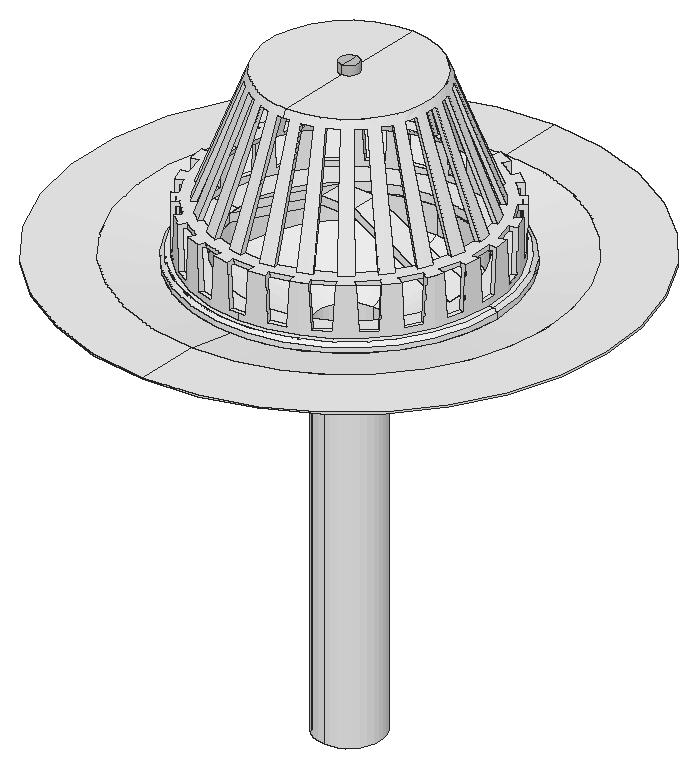
Revit family "Plumbing_Drainage_Menzies-Metal_Clamp-Tite_Aluminum-Drain", category Plumbing Fixtures, host Face, Revit 2015
Parameters (values of type "2"")
  Weight = 3.70 lbf
  URL = "https://www.menzies-metal.com/"
  Product data url = "https://bimobject.com/menzies-metal/product/clamptite-aluminum"
  Product Material = Metal - Menzies Metal Products - Aluminum
  Product Guid = "59f602b9-b5f5-448c-8fc4-15881cd61602"
  Pipe Length Note = "Longer pipes available.  Pipes can be field cut to the desired length."  # constant formula
  Pipe Length = 0' - 11"
  Pipe Diameter = 1 7/8"
  Model = "300-3390"
  Manufacturer = "Menzies Metal Products"  # constant formula
  Edition number = 1
  Drain Flow = 0 GPM
  Description = "Clamp-Tite Spun Aluminum Drain"  # constant formula
  Default Elevation = 4' - 0"
  Assembly Code = "D2040200"
Types (5): name | Weight | Pipe Diameter | Model
  2" | 3.70 lbf | 1 7/8" | "300-3390"
  3" | 3.95 lbf | 2 3/4" | "300-3395"
  4" | 4.00 lbf | 3 3/4" | "300-3400"
  5" | 5.00 lbf | 4 3/4" | "300-3401"
  6" | 6.00 lbf | 5 3/4" | "300-3402"
Reference planes (in)
  plane 1 "Center (Front/Back)": y = 0
  plane 2: z = 0
  plane 3 "Center (Left/Right)": x = 0
  plane 4: z = -12.94133
  plane 5: y = 0.9375
  plane 6: y = -0.9375
  plane 7: y = 0.40591
  plane 8: y = -0.40591
  plane 9: z = -1.94133
  plane 10: z = 0.05867
Forms (in)
  Revolve 1, solid, material "Metal - Menzies Metal Products - Aluminum", detail levels coarse
    sketch origin (0, 0, 0) x (0, 1, 0) y (0, 0, 1)
      loop
        line (2.40013, 4.98) -> (0, 4.98) -> (0, 0.05387) -> (4.23823, 0.05387) -> (4.23823, 1.48) -> (3.74365, 1.48) -> (2.40013, 4.98)
      axis (0, 4.98) -> (0, 0.05387)
    angle from 0 to 360
  Revolve 2, solid, material "Metal - Menzies Metal Products - Aluminum" <- "Product Material", detail levels coarse
    sketch origin (0, 0, 0) x (0, 1, 0) y (0, 0, 1)
      loop
        line (7.812, 0.05) -> (0, 0.05) -> (0, -12.94133) -> (0.9375, -12.94133) -> (0.9375, -1.863) -> (3.425, -0.98037) -> (3.425, -0.25) -> (4.5, -0.25) -> (6, 0) -> (7.812, 0) -> (7.812, 0.05)
      axis (0, 0.05) -> (0, -12.94133)
    angle from 0 to 360
  Revolve 3, solid, material "Metal - Menzies Metal Products - Stainless Steel", detail levels medium+fine
    sketch origin (0, 0, 0) x (0, 1, 0) y (0, 0, 1)
      loop
        line (0.27255, 5.23) -> (0, 5.23) -> (0, 0.98) -> (0.11813, 0.98) -> (0.11813, 4.98) -> (0.27255, 4.98) -> (0.27255, 5.23)
      axis (0, 5.23) -> (0, 0.98)
    angle from 0 to 360
  Revolve 4, solid, material "Metal - Menzies Metal Products - Aluminum", detail levels medium+fine
    sketch origin (0, 0, 0) x (0, 1, 0) y (0, 0, 1)
      loop
        line (2.40013, 4.98) -> (0, 4.98) -> (0, 4.855) -> (2.31422, 4.855) -> (3.65774, 1.355) -> (4.11323, 1.355) -> (4.11323, 0.05387) -> (4.23823, 0.05387) -> (4.23823, 1.48) -> (3.74365, 1.48) -> (2.40013, 4.98)
      axis (0, 4.98) -> (0, 0.05387)
    angle from 0 to 360
  Extrusion 5, void
    sketch origin (0, 0, 0) x (-1, 0, 0) y (0, 0, 1)
      loop
        line (0.17396, 4.76) -> (-0.17396, 4.76) -> (-0.2885, 1.48) -> (0.2885, 1.48) -> (0.17396, 4.76)
    from -4.68215 to -1.5
  Extrusion 6, void
    sketch origin (0, 0, 0) x (1, 0, 0) y (0, 0, 1)
      loop
        line (-0.25077, 0.23171) -> (0.25077, 0.23171) -> (0.31619, 1.48) -> (-0.31619, 1.48) -> (-0.25077, 0.23171)
    from 4.0004 to 4.40138
  Extrusion 7, void
    sketch origin (0, 0, 0) x (-0.965926, -0.258819, 0) y (0, 0, 1)
      loop
        line (0.17396, 4.76) -> (-0.17396, 4.76) -> (-0.2885, 1.48) -> (0.2885, 1.48) -> (0.17396, 4.76)
    from -4.68215 to -1.5
  Extrusion 8, void
    sketch origin (0, 0, 0) x (0.965926, 0.258819, 0) y (0, 0, 1)
      loop
        line (-0.25077, 0.23171) -> (0.25077, 0.23171) -> (0.31619, 1.48) -> (-0.31619, 1.48) -> (-0.25077, 0.23171)
    from 4.0004 to 4.40138
  Extrusion 9, void
    sketch origin (0, 0, 0) x (-0.866025, -0.5, 0) y (0, 0, 1)
      loop
        line (0.17396, 4.76) -> (-0.17396, 4.76) -> (-0.2885, 1.48) -> (0.2885, 1.48) -> (0.17396, 4.76)
    from -4.68215 to -1.5
  Extrusion 10, void
    sketch origin (0, 0, 0) x (0.866025, 0.5, 0) y (0, 0, 1)
      loop
        line (-0.25077, 0.23171) -> (0.25077, 0.23171) -> (0.31619, 1.48) -> (-0.31619, 1.48) -> (-0.25077, 0.23171)
    from 4.0004 to 4.40138
  Extrusion 11, void
    sketch origin (0, 0, 0) x (-0.707107, -0.707107, 0) y (0, 0, 1)
      loop
        line (0.17396, 4.76) -> (-0.17396, 4.76) -> (-0.2885, 1.48) -> (0.2885, 1.48) -> (0.17396, 4.76)
    from -4.68215 to -1.5
  Extrusion 12, void
    sketch origin (0, 0, 0) x (0.707107, 0.707107, 0) y (0, 0, 1)
      loop
        line (-0.25077, 0.23171) -> (0.25077, 0.23171) -> (0.31619, 1.48) -> (-0.31619, 1.48) -> (-0.25077, 0.23171)
    from 4.0004 to 4.40138
  Extrusion 13, void
    sketch origin (0, 0, 0) x (-0.5, -0.866025, 0) y (0, 0, 1)
      loop
        line (0.17396, 4.76) -> (-0.17396, 4.76) -> (-0.2885, 1.48) -> (0.2885, 1.48) -> (0.17396, 4.76)
    from -4.68215 to -1.5
  Extrusion 14, void
    sketch origin (0, 0, 0) x (0.5, 0.866025, 0) y (0, 0, 1)
      loop
        line (-0.25077, 0.23171) -> (0.25077, 0.23171) -> (0.31619, 1.48) -> (-0.31619, 1.48) -> (-0.25077, 0.23171)
    from 4.0004 to 4.40138
  Extrusion 15, void
    sketch origin (0, 0, 0) x (-0.258819, -0.965926, 0) y (0, 0, 1)
      loop
        line (0.17396, 4.76) -> (-0.17396, 4.76) -> (-0.2885, 1.48) -> (0.2885, 1.48) -> (0.17396, 4.76)
    from -4.68215 to -1.5
  Extrusion 16, void
    sketch origin (0, 0, 0) x (0.258819, 0.965926, 0) y (0, 0, 1)
      loop
        line (-0.25077, 0.23171) -> (0.25077, 0.23171) -> (0.31619, 1.48) -> (-0.31619, 1.48) -> (-0.25077, 0.23171)
    from 4.0004 to 4.40138
  Extrusion 17, void
    sketch origin (0, 0, 0) x (0, -1, 0) y (0, 0, 1)
      loop
        line (0.17396, 4.76) -> (-0.17396, 4.76) -> (-0.2885, 1.48) -> (0.2885, 1.48) -> (0.17396, 4.76)
    from -4.68215 to -1.5
  Extrusion 18, void
    sketch origin (0, 0, 0) x (0, 1, 0) y (0, 0, 1)
      loop
        line (-0.25077, 0.23171) -> (0.25077, 0.23171) -> (0.31619, 1.48) -> (-0.31619, 1.48) -> (-0.25077, 0.23171)
    from 4.0004 to 4.40138
  Extrusion 19, void
    sketch origin (0, 0, 0) x (0.258819, -0.965926, 0) y (0, 0, 1)
      loop
        line (0.17396, 4.76) -> (-0.17396, 4.76) -> (-0.2885, 1.48) -> (0.2885, 1.48) -> (0.17396, 4.76)
    from -4.68215 to -1.5
  Extrusion 20, void
    sketch origin (0, 0, 0) x (-0.258819, 0.965926, 0) y (0, 0, 1)
      loop
        line (-0.25077, 0.23171) -> (0.25077, 0.23171) -> (0.31619, 1.48) -> (-0.31619, 1.48) -> (-0.25077, 0.23171)
    from 4.0004 to 4.40138
  Extrusion 21, void
    sketch origin (0, 0, 0) x (0.5, -0.866025, 0) y (0, 0, 1)
      loop
        line (0.17396, 4.76) -> (-0.17396, 4.76) -> (-0.2885, 1.48) -> (0.2885, 1.48) -> (0.17396, 4.76)
    from -4.68215 to -1.5
  Extrusion 22, void
    sketch origin (0, 0, 0) x (-0.5, 0.866025, 0) y (0, 0, 1)
      loop
        line (-0.25077, 0.23171) -> (0.25077, 0.23171) -> (0.31619, 1.48) -> (-0.31619, 1.48) -> (-0.25077, 0.23171)
    from 4.0004 to 4.40138
  Extrusion 23, void
    sketch origin (0, 0, 0) x (0.707107, -0.707107, 0) y (0, 0, 1)
      loop
        line (0.17396, 4.76) -> (-0.17396, 4.76) -> (-0.2885, 1.48) -> (0.2885, 1.48) -> (0.17396, 4.76)
    from -4.68215 to -1.5
  Extrusion 24, void
    sketch origin (0, 0, 0) x (-0.707107, 0.707107, 0) y (0, 0, 1)
      loop
        line (-0.25077, 0.23171) -> (0.25077, 0.23171) -> (0.31619, 1.48) -> (-0.31619, 1.48) -> (-0.25077, 0.23171)
    from 4.0004 to 4.40138
  Extrusion 25, void
    sketch origin (0, 0, 0) x (0.866025, -0.5, 0) y (0, 0, 1)
      loop
        line (0.17396, 4.76) -> (-0.17396, 4.76) -> (-0.2885, 1.48) -> (0.2885, 1.48) -> (0.17396, 4.76)
    from -4.68215 to -1.5
  Extrusion 26, void
    sketch origin (0, 0, 0) x (-0.866025, 0.5, 0) y (0, 0, 1)
      loop
        line (-0.25077, 0.23171) -> (0.25077, 0.23171) -> (0.31619, 1.48) -> (-0.31619, 1.48) -> (-0.25077, 0.23171)
    from 4.0004 to 4.40138
  Extrusion 27, void
    sketch origin (0, 0, 0) x (0.965926, -0.258819, 0) y (0, 0, 1)
      loop
        line (0.17396, 4.76) -> (-0.17396, 4.76) -> (-0.2885, 1.48) -> (0.2885, 1.48) -> (0.17396, 4.76)
    from -4.68215 to -1.5
  Extrusion 28, void
    sketch origin (0, 0, 0) x (-0.965926, 0.258819, 0) y (0, 0, 1)
      loop
        line (-0.25077, 0.23171) -> (0.25077, 0.23171) -> (0.31619, 1.48) -> (-0.31619, 1.48) -> (-0.25077, 0.23171)
    from 4.0004 to 4.40138
  Extrusion 29, void
    sketch origin (0, 0, 0) x (1, 0, 0) y (0, 0, 1)
      loop
        line (0.17396, 4.76) -> (-0.17396, 4.76) -> (-0.2885, 1.48) -> (0.2885, 1.48) -> (0.17396, 4.76)
    from -4.68215 to -1.5
  Extrusion 30, void
    sketch origin (0, 0, 0) x (-1, 0, 0) y (0, 0, 1)
      loop
        line (-0.25077, 0.23171) -> (0.25077, 0.23171) -> (0.31619, 1.48) -> (-0.31619, 1.48) -> (-0.25077, 0.23171)
    from 4.0004 to 4.40138
  Extrusion 31, void
    sketch origin (0, 0, 0) x (0.965926, 0.258819, 0) y (0, 0, 1)
      loop
        line (0.17396, 4.76) -> (-0.17396, 4.76) -> (-0.2885, 1.48) -> (0.2885, 1.48) -> (0.17396, 4.76)
    from -4.68215 to -1.5
  Extrusion 32, void
    sketch origin (0, 0, 0) x (-0.965926, -0.258819, 0) y (0, 0, 1)
      loop
        line (-0.25077, 0.23171) -> (0.25077, 0.23171) -> (0.31619, 1.48) -> (-0.31619, 1.48) -> (-0.25077, 0.23171)
    from 4.0004 to 4.40138
  Extrusion 33, void
    sketch origin (0, 0, 0) x (0.866025, 0.5, 0) y (0, 0, 1)
      loop
        line (0.17396, 4.76) -> (-0.17396, 4.76) -> (-0.2885, 1.48) -> (0.2885, 1.48) -> (0.17396, 4.76)
    from -4.68215 to -1.5
  Extrusion 34, void
    sketch origin (0, 0, 0) x (-0.866025, -0.5, 0) y (0, 0, 1)
      loop
        line (-0.25077, 0.23171) -> (0.25077, 0.23171) -> (0.31619, 1.48) -> (-0.31619, 1.48) -> (-0.25077, 0.23171)
    from 4.0004 to 4.40138
  Extrusion 35, void
    sketch origin (0, 0, 0) x (0.707107, 0.707107, 0) y (0, 0, 1)
      loop
        line (0.17396, 4.76) -> (-0.17396, 4.76) -> (-0.2885, 1.48) -> (0.2885, 1.48) -> (0.17396, 4.76)
    from -4.68215 to -1.5
  Extrusion 36, void
    sketch origin (0, 0, 0) x (-0.707107, -0.707107, 0) y (0, 0, 1)
      loop
        line (-0.25077, 0.23171) -> (0.25077, 0.23171) -> (0.31619, 1.48) -> (-0.31619, 1.48) -> (-0.25077, 0.23171)
    from 4.0004 to 4.40138
  Extrusion 37, void
    sketch origin (0, 0, 0) x (0.5, 0.866025, 0) y (0, 0, 1)
      loop
        line (0.17396, 4.76) -> (-0.17396, 4.76) -> (-0.2885, 1.48) -> (0.2885, 1.48) -> (0.17396, 4.76)
    from -4.68215 to -1.5
  Extrusion 38, void
    sketch origin (0, 0, 0) x (-0.5, -0.866025, 0) y (0, 0, 1)
      loop
        line (-0.25077, 0.23171) -> (0.25077, 0.23171) -> (0.31619, 1.48) -> (-0.31619, 1.48) -> (-0.25077, 0.23171)
    from 4.0004 to 4.40138
  Extrusion 39, void
    sketch origin (0, 0, 0) x (0.258819, 0.965926, 0) y (0, 0, 1)
      loop
        line (0.17396, 4.76) -> (-0.17396, 4.76) -> (-0.2885, 1.48) -> (0.2885, 1.48) -> (0.17396, 4.76)
    from -4.68215 to -1.5
  Extrusion 40, void
    sketch origin (0, 0, 0) x (-0.258819, -0.965926, 0) y (0, 0, 1)
      loop
        line (-0.25077, 0.23171) -> (0.25077, 0.23171) -> (0.31619, 1.48) -> (-0.31619, 1.48) -> (-0.25077, 0.23171)
    from 4.0004 to 4.40138
  Extrusion 41, void
    sketch origin (0, 0, 0) x (0, 1, 0) y (0, 0, 1)
      loop
        line (0.17396, 4.76) -> (-0.17396, 4.76) -> (-0.2885, 1.48) -> (0.2885, 1.48) -> (0.17396, 4.76)
    from -4.68215 to -1.5
  Extrusion 42, void
    sketch origin (0, 0, 0) x (0, -1, 0) y (0, 0, 1)
      loop
        line (-0.25077, 0.23171) -> (0.25077, 0.23171) -> (0.31619, 1.48) -> (-0.31619, 1.48) -> (-0.25077, 0.23171)
    from 4.0004 to 4.40138
  Extrusion 43, void
    sketch origin (0, 0, 0) x (-0.258819, 0.965926, 0) y (0, 0, 1)
      loop
        line (0.17396, 4.76) -> (-0.17396, 4.76) -> (-0.2885, 1.48) -> (0.2885, 1.48) -> (0.17396, 4.76)
    from -4.68215 to -1.5
  Extrusion 44, void
    sketch origin (0, 0, 0) x (0.258819, -0.965926, 0) y (0, 0, 1)
      loop
        line (-0.25077, 0.23171) -> (0.25077, 0.23171) -> (0.31619, 1.48) -> (-0.31619, 1.48) -> (-0.25077, 0.23171)
    from 4.0004 to 4.40138
  Extrusion 45, void
    sketch origin (0, 0, 0) x (-0.5, 0.866025, 0) y (0, 0, 1)
      loop
        line (0.17396, 4.76) -> (-0.17396, 4.76) -> (-0.2885, 1.48) -> (0.2885, 1.48) -> (0.17396, 4.76)
    from -4.68215 to -1.5
  Extrusion 46, void
    sketch origin (0, 0, 0) x (0.5, -0.866025, 0) y (0, 0, 1)
      loop
        line (-0.25077, 0.23171) -> (0.25077, 0.23171) -> (0.31619, 1.48) -> (-0.31619, 1.48) -> (-0.25077, 0.23171)
    from 4.0004 to 4.40138
  Extrusion 47, void
    sketch origin (0, 0, 0) x (-0.707107, 0.707107, 0) y (0, 0, 1)
      loop
        line (0.17396, 4.76) -> (-0.17396, 4.76) -> (-0.2885, 1.48) -> (0.2885, 1.48) -> (0.17396, 4.76)
    from -4.68215 to -1.5
  Extrusion 48, void
    sketch origin (0, 0, 0) x (0.707107, -0.707107, 0) y (0, 0, 1)
      loop
        line (-0.25077, 0.23171) -> (0.25077, 0.23171) -> (0.31619, 1.48) -> (-0.31619, 1.48) -> (-0.25077, 0.23171)
    from 4.0004 to 4.40138
  Extrusion 49, void
    sketch origin (0, 0, 0) x (-0.866025, 0.5, 0) y (0, 0, 1)
      loop
        line (0.17396, 4.76) -> (-0.17396, 4.76) -> (-0.2885, 1.48) -> (0.2885, 1.48) -> (0.17396, 4.76)
    from -4.68215 to -1.5
  Extrusion 50, void
    sketch origin (0, 0, 0) x (0.866025, -0.5, 0) y (0, 0, 1)
      loop
        line (-0.25077, 0.23171) -> (0.25077, 0.23171) -> (0.31619, 1.48) -> (-0.31619, 1.48) -> (-0.25077, 0.23171)
    from 4.0004 to 4.40138
  Extrusion 51, void
    sketch origin (0, 0, 0) x (-0.965926, 0.258819, 0) y (0, 0, 1)
      loop
        line (0.17396, 4.76) -> (-0.17396, 4.76) -> (-0.2885, 1.48) -> (0.2885, 1.48) -> (0.17396, 4.76)
    from -4.68215 to -1.5
  Extrusion 52, void
    sketch origin (0, 0, 0) x (0.965926, -0.258819, 0) y (0, 0, 1)
      loop
        line (-0.25077, 0.23171) -> (0.25077, 0.23171) -> (0.31619, 1.48) -> (-0.31619, 1.48) -> (-0.25077, 0.23171)
    from 4.0004 to 4.40138
  Extrusion 53, solid, material "Metal - Menzies Metal Products - Aluminum", detail levels medium+fine
    sketch origin (0, 0, 0) x (1, 0, 0) y (0, 0, 1)
      loop
        line (-3.375, 0.05) -> (-3.375, -0.19772) -> (-0.50436, 1.3) -> (0.50436, 1.3) -> (3.375, -0.19772) -> (3.375, 0.05) -> (0.5, 1.55) -> (-0.5, 1.55) -> (-3.375, 0.05)
    from -0.40591 to 0.40591
  Revolve 54, solid, material "Metal - Menzies Metal Products - Aluminum", detail levels medium+fine
    sketch origin (0, 0, 0) x (1, 0, 0) y (0, 0, 1)
      loop
        line (-3.375, -0.19772) -> (-3.375, 0.05) -> (-4.39127, 0.05) -> (-4.4953, -0.05403) -> (-4.50032, -0.19772) -> (-3.375, -0.19772)
      axis (0, 0.05) -> (0, -0.19772)
    angle from 0 to 360
  Revolve 55, solid, material "Metal - Menzies Metal Products - Aluminum" <- "Product Material", detail levels medium+fine
    sketch origin (0, 0, 0) x (0, 1, 0) y (0, 0, 1)
      loop
        line (0.9375, -1.863) -> (3.425, -0.98037) -> (3.425, -0.25) -> (4.5, -0.25) -> (6, 0) -> (7.812, 0) -> (7.812, 0.05) -> (5.98665, 0.05) -> (4.50032, -0.19772) -> (3.34462, -0.19772) -> (3.34462, -0.98037) -> (0.88672, -1.84466) -> (0.88672, -12.94133) -> (0.9375, -12.94133) -> (0.9375, -1.863)
      axis (0, 0.05) -> (0, -12.94133)
    angle from 0 to 360
  Revolve 56, void
    sketch origin (0, 0, 0) x (0, 1, 0) y (0, 0, 1)
      loop
        line (0.9375, -12.94133) -> (0.9375, -1.863) -> (6, 0) -> (0, 0) -> (0, -12.94133) -> (0.9375, -12.94133)
      axis (0, 0) -> (0, -12.94133)
    angle from 0 to 360
Cuts and joins
  Extrusion 5, Extrusion 6, Extrusion 7, Extrusion 8, Extrusion 9, Extrusion 10, Extrusion 11, Extrusion 12, Extrusion 13, Extrusion 14, Extrusion 15, Extrusion 16, Extrusion 17, Extrusion 18, Extrusion 19, Extrusion 20, Extrusion 21, Extrusion 22, Extrusion 23, Extrusion 24, Extrusion 25, Extrusion 26, Extrusion 27, Extrusion 28, Extrusion 29, Extrusion 30, Extrusion 31, Extrusion 32, Extrusion 33, Extrusion 34, Extrusion 35, Extrusion 36, Extrusion 37, Extrusion 38, Extrusion 39, Extrusion 40, Extrusion 41, Extrusion 42, Extrusion 43, Extrusion 44, Extrusion 45, Extrusion 46, Extrusion 47, Extrusion 48, Extrusion 49, Extrusion 50, Extrusion 51, Extrusion 52 cuts Revolve 4
Lines and regions (in)
  Masking region 1
    outline origin (0, 0, 0) x (1, 0, 0) y (0, 1, 0)
      loop
        circle (0, 0) r 7.812
  symbolic lines, detail levels medium+fine
    curve 1: arc (4.39127, 0, 0) -> (0, 4.39127, 0) -> (-4.39127, 0, 0) r 4.39127
    curve 2: arc (-4.39127, 0, 0) -> (0, -4.39127, 0) -> (4.39127, 0, 0) r 4.39127
  symbolic lines, style "PlumbingFixturesHiddenLines", detail levels medium+fine
    curve 3: arc (0, -0.9375, 0) -> (0.9375, 0, 0) -> (0, 0.9375, 0) r 0.9375
    curve 4: arc (0, 0.9375, 0) -> (-0.9375, 0, 0) -> (0, -0.9375, 0) r 0.9375
Dimensions and locks (in)
  Revolve 1 sketch curve to Revolve 1 sketch curve to Revolve 1 sketch curve to Revolve 1 sketch curve = 0' - 0.49457" locked, 0' - 1.34352" locked, 0' - 2.40013" locked
  Revolve 1 sketch curve to Revolve 1 sketch curve to Revolve 1 sketch curve to level = 0' - 3 1/2" locked, 0' - 1.42613" locked, 0' - 0.05387" locked
  equal spacing: plane 5, plane 1 "Center (Front/Back)", plane 6
  "Pipe Diameter": plane 5 to plane 6
  Revolve 2 sketch curve to level to host face to Revolve 2 sketch curve to Revolve 2 sketch curve = 0' - 0.05" locked, 0' - 0" locked, 0' - 0 1/4" locked, 0' - 0.73037" locked
  locked: level to Revolve 2 sketch curve at 1.863
  Revolve 2 sketch curve to Revolve 2 sketch curve to Revolve 2 sketch curve to Revolve 2 sketch curve to plane 1 "Center (Front/Back)" = 0' - 1.812" locked, 0' - 1 1/2" locked, 0' - 1.075" locked, 0' - 3.425" locked
  Revolve 3 sketch curve to Revolve 3 sketch curve to Revolve 3 sketch curve to Revolve 3 sketch curve = 0' - 0.15442", 0' - 0.11813" locked, 0' - 0" locked
  Revolve 3 sketch curve to Revolve 3 sketch curve to Revolve 3 sketch curve to plane 2 = 0' - 0 1/4" locked, 0' - 4" locked, 0' - 0.98" locked
  Revolve 4 sketch curve to Revolve 4 sketch curve to Revolve 4 sketch curve to Revolve 4 sketch curve to Revolve 4 sketch curve to Revolve 4 sketch curve to plane 1 "Center (Front/Back)" = 0' - 0 1/8" locked, 0' - 0.36957" locked, 0' - 0.08591" locked, 0' - 1.25761" locked, 0' - 0.08591" locked, 0' - 2.31422" locked
  Revolve 4 sketch curve to Revolve 4 sketch curve to level = 0' - 3 1/2" locked, 0' - 1.355" locked
  Extrusion 5 sketch curve to Extrusion 5 sketch curve to Extrusion 5 sketch curve to Extrusion 5 sketch curve = 0' - 0.11454", 0' - 0.34792" locked, 0' - 0.11454"
  locked: Extrusion 5 sketch curve to Extrusion 5 sketch curve at 3.28
  Extrusion 6 sketch curve to Extrusion 6 sketch curve to Extrusion 6 sketch curve to Extrusion 6 sketch curve = 0' - 0.06542" locked, 0' - 0.50155" locked, 0' - 0.06542" locked
  locked: Extrusion 6 sketch curve to Extrusion 6 sketch curve at 1.24829
  Extrusion 7 sketch curve to Extrusion 7 sketch curve to Extrusion 7 sketch curve to Extrusion 7 sketch curve = 0' - 0.11454", 0' - 0.34792" locked, 0' - 0.11454"
  locked: Extrusion 7 sketch curve to Extrusion 7 sketch curve at 3.28
  Extrusion 8 sketch curve to Extrusion 8 sketch curve to Extrusion 8 sketch curve to Extrusion 8 sketch curve = 0' - 0.06542" locked, 0' - 0.50155" locked, 0' - 0.06542" locked
  locked: Extrusion 8 sketch curve to Extrusion 8 sketch curve at 1.24829
  Extrusion 9 sketch curve to Extrusion 9 sketch curve to Extrusion 9 sketch curve to Extrusion 9 sketch curve = 0' - 0.11454", 0' - 0.34792" locked, 0' - 0.11454"
  locked: Extrusion 9 sketch curve to Extrusion 9 sketch curve at 3.28
  Extrusion 10 sketch curve to Extrusion 10 sketch curve to Extrusion 10 sketch curve to Extrusion 10 sketch curve = 0' - 0.06542" locked, 0' - 0.50155" locked, 0' - 0.06542" locked
  locked: Extrusion 10 sketch curve to Extrusion 10 sketch curve at 1.24829
  Extrusion 11 sketch curve to Extrusion 11 sketch curve to Extrusion 11 sketch curve to Extrusion 11 sketch curve = 0' - 0.11454", 0' - 0.34792" locked, 0' - 0.11454"
  locked: Extrusion 11 sketch curve to Extrusion 11 sketch curve at 3.28
  Extrusion 12 sketch curve to Extrusion 12 sketch curve to Extrusion 12 sketch curve to Extrusion 12 sketch curve = 0' - 0.06542" locked, 0' - 0.50155" locked, 0' - 0.06542" locked
  locked: Extrusion 12 sketch curve to Extrusion 12 sketch curve at 1.24829
  Extrusion 13 sketch curve to Extrusion 13 sketch curve to Extrusion 13 sketch curve to Extrusion 13 sketch curve = 0' - 0.11454", 0' - 0.34792" locked, 0' - 0.11454"
  locked: Extrusion 13 sketch curve to Extrusion 13 sketch curve at 3.28
  Extrusion 14 sketch curve to Extrusion 14 sketch curve to Extrusion 14 sketch curve to Extrusion 14 sketch curve = 0' - 0.06542" locked, 0' - 0.50155" locked, 0' - 0.06542" locked
  locked: Extrusion 14 sketch curve to Extrusion 14 sketch curve at 1.24829
  Extrusion 15 sketch curve to Extrusion 15 sketch curve to Extrusion 15 sketch curve to Extrusion 15 sketch curve = 0' - 0.11454", 0' - 0.34792" locked, 0' - 0.11454"
  locked: Extrusion 15 sketch curve to Extrusion 15 sketch curve at 3.28
  Extrusion 16 sketch curve to Extrusion 16 sketch curve to Extrusion 16 sketch curve to Extrusion 16 sketch curve = 0' - 0.06542" locked, 0' - 0.50155" locked, 0' - 0.06542" locked
  locked: Extrusion 16 sketch curve to Extrusion 16 sketch curve at 1.24829
  Extrusion 17 sketch curve to Extrusion 17 sketch curve to Extrusion 17 sketch curve to Extrusion 17 sketch curve = 0' - 0.11454", 0' - 0.34792" locked, 0' - 0.11454"
  locked: Extrusion 17 sketch curve to Extrusion 17 sketch curve at 3.28
  Extrusion 18 sketch curve to Extrusion 18 sketch curve to Extrusion 18 sketch curve to Extrusion 18 sketch curve = 0' - 0.06542" locked, 0' - 0.50155" locked, 0' - 0.06542" locked
  locked: Extrusion 18 sketch curve to Extrusion 18 sketch curve at 1.24829
  Extrusion 19 sketch curve to Extrusion 19 sketch curve to Extrusion 19 sketch curve to Extrusion 19 sketch curve = 0' - 0.11454", 0' - 0.34792" locked, 0' - 0.11454"
  locked: Extrusion 19 sketch curve to Extrusion 19 sketch curve at 3.28
  Extrusion 20 sketch curve to Extrusion 20 sketch curve to Extrusion 20 sketch curve to Extrusion 20 sketch curve = 0' - 0.06542" locked, 0' - 0.50155" locked, 0' - 0.06542" locked
  locked: Extrusion 20 sketch curve to Extrusion 20 sketch curve at 1.24829
  Extrusion 21 sketch curve to Extrusion 21 sketch curve to Extrusion 21 sketch curve to Extrusion 21 sketch curve = 0' - 0.11454", 0' - 0.34792" locked, 0' - 0.11454"
  locked: Extrusion 21 sketch curve to Extrusion 21 sketch curve at 3.28
  Extrusion 22 sketch curve to Extrusion 22 sketch curve to Extrusion 22 sketch curve to Extrusion 22 sketch curve = 0' - 0.06542" locked, 0' - 0.50155" locked, 0' - 0.06542" locked
  locked: Extrusion 22 sketch curve to Extrusion 22 sketch curve at 1.24829
  Extrusion 23 sketch curve to Extrusion 23 sketch curve to Extrusion 23 sketch curve to Extrusion 23 sketch curve = 0' - 0.11454", 0' - 0.34792" locked, 0' - 0.11454"
  locked: Extrusion 23 sketch curve to Extrusion 23 sketch curve at 3.28
  Extrusion 24 sketch curve to Extrusion 24 sketch curve to Extrusion 24 sketch curve to Extrusion 24 sketch curve = 0' - 0.06542" locked, 0' - 0.50155" locked, 0' - 0.06542" locked
  locked: Extrusion 24 sketch curve to Extrusion 24 sketch curve at 1.24829
  Extrusion 25 sketch curve to Extrusion 25 sketch curve to Extrusion 25 sketch curve to Extrusion 25 sketch curve = 0' - 0.11454", 0' - 0.34792" locked, 0' - 0.11454"
  locked: Extrusion 25 sketch curve to Extrusion 25 sketch curve at 3.28
  Extrusion 26 sketch curve to Extrusion 26 sketch curve to Extrusion 26 sketch curve to Extrusion 26 sketch curve = 0' - 0.06542" locked, 0' - 0.50155" locked, 0' - 0.06542" locked
  locked: Extrusion 26 sketch curve to Extrusion 26 sketch curve at 1.24829
  Extrusion 27 sketch curve to Extrusion 27 sketch curve to Extrusion 27 sketch curve to Extrusion 27 sketch curve = 0' - 0.11454", 0' - 0.34792" locked, 0' - 0.11454"
  locked: Extrusion 27 sketch curve to Extrusion 27 sketch curve at 3.28
  Extrusion 28 sketch curve to Extrusion 28 sketch curve to Extrusion 28 sketch curve to Extrusion 28 sketch curve = 0' - 0.06542" locked, 0' - 0.50155" locked, 0' - 0.06542" locked
  locked: Extrusion 28 sketch curve to Extrusion 28 sketch curve at 1.24829
  Extrusion 29 sketch curve to Extrusion 29 sketch curve to Extrusion 29 sketch curve to Extrusion 29 sketch curve = 0' - 0.11454", 0' - 0.34792" locked, 0' - 0.11454"
  locked: Extrusion 29 sketch curve to Extrusion 29 sketch curve at 3.28
  Extrusion 30 sketch curve to Extrusion 30 sketch curve to Extrusion 30 sketch curve to Extrusion 30 sketch curve = 0' - 0.06542" locked, 0' - 0.50155" locked, 0' - 0.06542" locked
  locked: Extrusion 30 sketch curve to Extrusion 30 sketch curve at 1.24829
  Extrusion 31 sketch curve to Extrusion 31 sketch curve to Extrusion 31 sketch curve to Extrusion 31 sketch curve = 0' - 0.11454", 0' - 0.34792" locked, 0' - 0.11454"
  locked: Extrusion 31 sketch curve to Extrusion 31 sketch curve at 3.28
  Extrusion 32 sketch curve to Extrusion 32 sketch curve to Extrusion 32 sketch curve to Extrusion 32 sketch curve = 0' - 0.06542" locked, 0' - 0.50155" locked, 0' - 0.06542" locked
  locked: Extrusion 32 sketch curve to Extrusion 32 sketch curve at 1.24829
  Extrusion 33 sketch curve to Extrusion 33 sketch curve to Extrusion 33 sketch curve to Extrusion 33 sketch curve = 0' - 0.11454", 0' - 0.34792" locked, 0' - 0.11454"
  locked: Extrusion 33 sketch curve to Extrusion 33 sketch curve at 3.28
  Extrusion 34 sketch curve to Extrusion 34 sketch curve to Extrusion 34 sketch curve to Extrusion 34 sketch curve = 0' - 0.06542" locked, 0' - 0.50155" locked, 0' - 0.06542" locked
  locked: Extrusion 34 sketch curve to Extrusion 34 sketch curve at 1.24829
  Extrusion 35 sketch curve to Extrusion 35 sketch curve to Extrusion 35 sketch curve to Extrusion 35 sketch curve = 0' - 0.11454", 0' - 0.34792" locked, 0' - 0.11454"
  locked: Extrusion 35 sketch curve to Extrusion 35 sketch curve at 3.28
  Extrusion 36 sketch curve to Extrusion 36 sketch curve to Extrusion 36 sketch curve to Extrusion 36 sketch curve = 0' - 0.06542" locked, 0' - 0.50155" locked, 0' - 0.06542" locked
  locked: Extrusion 36 sketch curve to Extrusion 36 sketch curve at 1.24829
  Extrusion 37 sketch curve to Extrusion 37 sketch curve to Extrusion 37 sketch curve to Extrusion 37 sketch curve = 0' - 0.11454", 0' - 0.34792" locked, 0' - 0.11454"
  locked: Extrusion 37 sketch curve to Extrusion 37 sketch curve at 3.28
  Extrusion 38 sketch curve to Extrusion 38 sketch curve to Extrusion 38 sketch curve to Extrusion 38 sketch curve = 0' - 0.06542" locked, 0' - 0.50155" locked, 0' - 0.06542" locked
  locked: Extrusion 38 sketch curve to Extrusion 38 sketch curve at 1.24829
  Extrusion 39 sketch curve to Extrusion 39 sketch curve to Extrusion 39 sketch curve to Extrusion 39 sketch curve = 0' - 0.11454", 0' - 0.34792" locked, 0' - 0.11454"
  locked: Extrusion 39 sketch curve to Extrusion 39 sketch curve at 3.28
  Extrusion 40 sketch curve to Extrusion 40 sketch curve to Extrusion 40 sketch curve to Extrusion 40 sketch curve = 0' - 0.06542" locked, 0' - 0.50155" locked, 0' - 0.06542" locked
  locked: Extrusion 40 sketch curve to Extrusion 40 sketch curve at 1.24829
  Extrusion 41 sketch curve to Extrusion 41 sketch curve to Extrusion 41 sketch curve to Extrusion 41 sketch curve = 0' - 0.11454", 0' - 0.34792" locked, 0' - 0.11454"
  locked: Extrusion 41 sketch curve to Extrusion 41 sketch curve at 3.28
  Extrusion 42 sketch curve to Extrusion 42 sketch curve to Extrusion 42 sketch curve to Extrusion 42 sketch curve = 0' - 0.06542" locked, 0' - 0.50155" locked, 0' - 0.06542" locked
  locked: Extrusion 42 sketch curve to Extrusion 42 sketch curve at 1.24829
  Extrusion 43 sketch curve to Extrusion 43 sketch curve to Extrusion 43 sketch curve to Extrusion 43 sketch curve = 0' - 0.11454", 0' - 0.34792" locked, 0' - 0.11454"
  locked: Extrusion 43 sketch curve to Extrusion 43 sketch curve at 3.28
  Extrusion 44 sketch curve to Extrusion 44 sketch curve to Extrusion 44 sketch curve to Extrusion 44 sketch curve = 0' - 0.06542" locked, 0' - 0.50155" locked, 0' - 0.06542" locked
  locked: Extrusion 44 sketch curve to Extrusion 44 sketch curve at 1.24829
  Extrusion 45 sketch curve to Extrusion 45 sketch curve to Extrusion 45 sketch curve to Extrusion 45 sketch curve = 0' - 0.11454", 0' - 0.34792" locked, 0' - 0.11454"
  locked: Extrusion 45 sketch curve to Extrusion 45 sketch curve at 3.28
  Extrusion 46 sketch curve to Extrusion 46 sketch curve to Extrusion 46 sketch curve to Extrusion 46 sketch curve = 0' - 0.06542" locked, 0' - 0.50155" locked, 0' - 0.06542" locked
  locked: Extrusion 46 sketch curve to Extrusion 46 sketch curve at 1.24829
  Extrusion 47 sketch curve to Extrusion 47 sketch curve to Extrusion 47 sketch curve to Extrusion 47 sketch curve = 0' - 0.11454", 0' - 0.34792" locked, 0' - 0.11454"
  locked: Extrusion 47 sketch curve to Extrusion 47 sketch curve at 3.28
  Extrusion 48 sketch curve to Extrusion 48 sketch curve to Extrusion 48 sketch curve to Extrusion 48 sketch curve = 0' - 0.06542" locked, 0' - 0.50155" locked, 0' - 0.06542" locked
  locked: Extrusion 48 sketch curve to Extrusion 48 sketch curve at 1.24829
  Extrusion 49 sketch curve to Extrusion 49 sketch curve to Extrusion 49 sketch curve to Extrusion 49 sketch curve = 0' - 0.11454", 0' - 0.34792" locked, 0' - 0.11454"
  locked: Extrusion 49 sketch curve to Extrusion 49 sketch curve at 3.28
  Extrusion 50 sketch curve to Extrusion 50 sketch curve to Extrusion 50 sketch curve to Extrusion 50 sketch curve = 0' - 0.06542" locked, 0' - 0.50155" locked, 0' - 0.06542" locked
  locked: Extrusion 50 sketch curve to Extrusion 50 sketch curve at 1.24829
  Extrusion 51 sketch curve to Extrusion 51 sketch curve to Extrusion 51 sketch curve to Extrusion 51 sketch curve = 0' - 0.11454", 0' - 0.34792" locked, 0' - 0.11454"
  locked: Extrusion 51 sketch curve to Extrusion 51 sketch curve at 3.28
  Extrusion 52 sketch curve to Extrusion 52 sketch curve to Extrusion 52 sketch curve to Extrusion 52 sketch curve = 0' - 0.06542" locked, 0' - 0.50155" locked, 0' - 0.06542" locked
  locked: Extrusion 52 sketch curve to Extrusion 52 sketch curve at 1.24829
  Extrusion 53 sketch curve to Extrusion 53 sketch curve to Extrusion 53 sketch curve to plane 3 "Center (Left/Right)" to Extrusion 53 sketch curve to Extrusion 53 sketch curve to Extrusion 53 sketch curve = 0' - 2.87064" locked, 0' - 0.00436" locked, 0' - 0 1/2" locked, 0' - 0 1/2" locked, 0' - 0.00436" locked, 0' - 2.87064" locked
  Extrusion 53 sketch curve to Extrusion 53 sketch curve to Extrusion 53 sketch curve to Extrusion 53 sketch curve to level to Extrusion 53 sketch curve to Extrusion 53 sketch curve = 0' - 0 1/4" locked, 0' - 1 1/4" locked, 0' - 0" locked, 0' - 0.05" locked, 0' - 0.19772" locked, 0' - 0" locked
  equal spacing: plane 8, plane 1 "Center (Front/Back)", plane 7
  locked: plane 7 to plane 8 at 0.81181
  Revolve 54 sketch curve to level to Revolve 54 sketch curve to Revolve 54 sketch curve = 0' - 0.05" locked, 0' - 0.05403" locked, 0' - 0.1437" locked
  plane 3 "Center (Left/Right)" to Extrusion 53 to Revolve 54 sketch curve to Revolve 54 sketch curve to Revolve 54 sketch curve = 0' - 3 3/8" locked, 0' - 1.01627" locked, 0' - 0.10403" locked, 0' - 0.00502" locked
  locked: plane 5 to Revolve 55 sketch curve at 0.05078
  Revolve 55 sketch curve to Revolve 55 sketch curve to Revolve 55 sketch curve to Revolve 55 sketch curve to Revolve 55 sketch curve to Revolve 55 sketch curve to Revolve 55 sketch curve to Revolve 55 sketch curve = 0' - 1.812" locked, 0' - 0.01335" locked, 0' - 1.48634" locked, 0' - 0.00032" locked, 0' - 1.075" locked, 0' - 0.08038" locked, 0' - 3.34462" locked
  Revolve 55 sketch curve to level to Revolve 55 sketch curve to Revolve 55 sketch curve to Revolve 55 sketch curve to Revolve 55 sketch curve to Revolve 55 sketch curve to Revolve 55 sketch curve to Revolve 55 sketch curve = 0' - 0.05" locked, 0' - 0" locked, 0' - 0.19772" locked, 0' - 0.05228" locked, 0' - 0.73037" locked, 0' - 0" locked, 0' - 0.86429" locked, 0' - 0.01833" locked
  locked: level to Revolve 56 sketch curve at 1.863
  locked: Revolve 56 sketch curve to Revolve 56 sketch curve at 6
  locked: plane 10 to plane 2 at 0.05867
  locked: plane 10 to plane 9 at 2
  "Pipe Length": plane 9 to plane 4
  aligned and locked: plane 2 to host face
  aligned and locked: level to host face
  aligned and locked: Revolve 2 sketch curve to plane 4
  aligned and locked: Revolve 2 sketch curve to plane 5
  aligned and locked: Revolve 3 sketch curve to plane 1 "Center (Front/Back)"
  aligned and locked: Revolve 4 sketch curve to plane 1 "Center (Front/Back)"
  aligned and locked: Revolve 4 sketch curve to Revolve 1  (x3)
  aligned and locked: plane 1 "Center (Front/Back)" to Revolve 4 sketch curve
  aligned and locked: plane 7 to Extrusion 53
  aligned and locked: Extrusion 53 to plane 8
  aligned and locked: Revolve 54 sketch curve to plane 3 "Center (Left/Right)"
  aligned and locked: Revolve 55 sketch curve to plane 1 "Center (Front/Back)"
  aligned and locked: plane 5 to Revolve 55 sketch curve
  aligned and locked: Revolve 55 sketch curve to plane 4
  aligned and locked: Revolve 56 sketch curve to plane 1 "Center (Front/Back)"
  aligned and locked: Revolve 56 sketch curve to plane 2
  aligned and locked: Revolve 56 sketch curve to plane 4
  aligned and locked: Revolve 56 sketch curve to plane 5
  aligned and locked: Masking region 1 sketch curve to Revolve 55  (x2)
  aligned and locked: curve 1 to Revolve 54
  aligned and locked: curve 2 to Revolve 54
  aligned and locked: curve 3 to Revolve 55
  aligned and locked: curve 4 to Revolve 55
Automatic sketch dimensions
  host sketch curve to host sketch curve = 8' - 0"  (x2)
  Revolve 1 sketch curve to plane 1 "Center (Front/Back)" = 0' - 0"  (x2)
  Revolve 1 sketch curve to plane 4 = 0' - 7.17947"
  Revolve 1 sketch curve to Revolve 1 sketch curve = 7' - 3.29586"
  Revolve 2 sketch curve to plane 1 "Center (Front/Back)" = 0' - 0"  (x2)
  Revolve 2 sketch curve to level = 0' - 0"
  Revolve 2 sketch curve to plane 4 = 0' - 7.17947"
  Revolve 2 sketch curve to Revolve 2 sketch curve = 7' - 8.22586"
  Revolve 3 sketch curve to plane 4 = 1' - 8 1/4"
  Revolve 3 sketch curve to Revolve 3 sketch curve = 7' - 3.04586"
  Revolve 4 sketch curve to plane 4 = 1' - 8 1/4"
  Revolve 4 sketch curve to Revolve 4 sketch curve = 7' - 3.29586"
  Revolve 54 sketch curve to Revolve 54 sketch curve = 0' - 1.01627"
  Revolve 54 sketch curve to plane 4 = 1' - 8 1/4"
  level to Revolve 54 sketch curve = 8' - 6.71882"
  Revolve 55 sketch curve to Revolve 55 sketch curve = 1' - 8 1/4"
  Revolve 55 sketch curve to Revolve 55 sketch curve = 7' - 10.13885"
  Revolve 56 sketch curve to plane 1 "Center (Front/Back)" = 0' - 0"
  Revolve 56 sketch curve to plane 4 = 1' - 8 1/4"
  Revolve 56 sketch curve to Revolve 56 sketch curve = 7' - 8.27586"
  level to Extrusion 31 sketch curve = 0' - 1.48"
  level to Extrusion 32 sketch curve = 0' - 1.48"
  level to Extrusion 21 sketch curve = 0' - 1.48"
  level to Extrusion 22 sketch curve = 0' - 1.48"
Connectors (in)
  piping at (0, 0, -12.94133), diameter 1.875, driven by "Drain Flow", driven by "Pipe Diameter"
    settings: on Revolve 55, index 1, connector inside diameter 24", connector length 0' - 0", flow factor 0, pipe flow 0 GPM, pressure drop 0.00 psi, fitting loss kfactor 0, connector angle 0.00°, fixture units 0, engagement length 0' - 0", angle of deflection 0.00°, flow configuration 0, flow direction 2, fitting loss method 0, system type 22, joint type 0, gender type 0, connector reference index -1, connector utility 0, adjustable connector no, is connector primary yes, connector description "Connector for Roof Drain"
